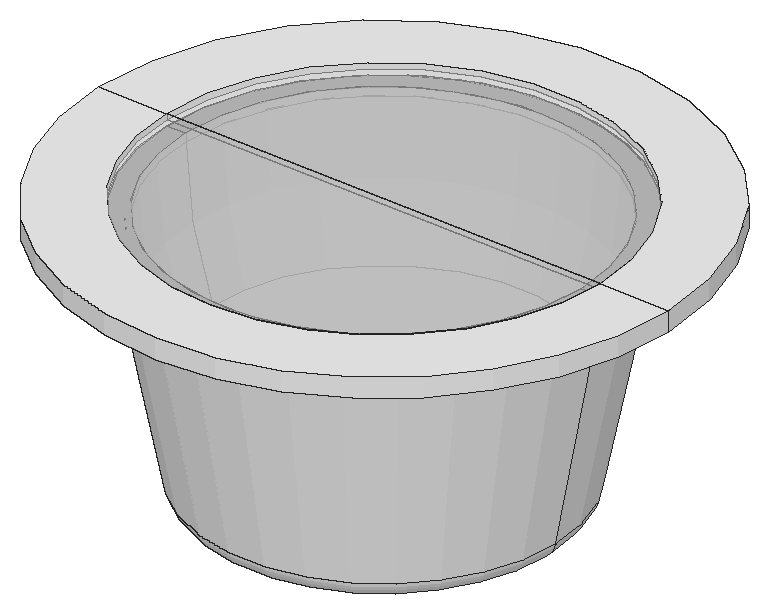
Revit family "2060545+2039013 Sylvania Lighting Fixture ASCENT 100 II ARCH 1000 4K STD 160 with IP54 PC Cover", category Lighting Fixtures, host Face, Revit 2016
Family settings
  Host = Face
  Part Type = Normal
  Round Connector Dimension = Use Diameter
  OmniClass Number = 23.80.70.11.17
  OmniClass Title = Specialized Lighting by Location or Use
  Cut with Voids When Loaded = No
  Light Source = Yes
  Shared = No
  Room Calculation Point = No
Parameters (values of type "2060545+2039013 ASCT100 II ARCH 1000 4K STD 160 with IP54 PC Cover")
  WidthBezelAcc_SYL = 25.0 mm
  Weight = "1.2 kg"
  Wattage = 7 W
  WarrantyStartDate [instance] = "n/a"
  WarrantyGuarantorParts = "n/a"
  WarrantyDurationUnit = "n/a"
  WarrantyDurationParts = "n/a"
  WarrantyDescription = "n/a"
  built-in parameter 1150110 = 1 (stored number, unit not read)
  Voltage = 0 V
  VisibilityAccessory_SYL = yes
  TypeName = "ASCENT 100 II ARCH 1000 4K STD 160 with IP54 PC Cover"
  built-in parameter 1114217 = 1 (stored number, unit not read)
  Tilt Angle = -90°
  built-in parameter 1150109 = 1 (stored number, unit not read)
  built-in parameter 1150134 = 12
  built-in parameter 1150113 = 1 (stored number, unit not read)
  SerialNumber [instance] = "n/a"
  ReflectorRadius_SYL = Radius_SYL - 14.5 mm  # 80.0 mm
  RadiusAcc_SYL = 105.0 mm
  Radius_SYL = 94.5 mm
  URL = "http://www.sylvania-lighting.com"
  PowerFactor = 0
  PowerConsumption = "7 W"
  Photometric Web File = "2060545.ies"
  NominalWidth = 0.0 mm
  NominalLength = 0.0 mm
  NominalHeight = 94.0 mm
  Name = "ASCENT 100 II ARCH 1000 4K STD 160 with IP54 PC Cover"
  ModelReference = "ASCENT 100 II ARCH 1000 4K STD 160 with IP54 PC Cover"
  ModelNumber = "2060545+2039013"
  Material_4_SYL = none
  Material_3_SYL = Polycarbonate_Sylvania_Ascent_Clear
  Material_2_SYL = Aluminium_Sylvania_Ascent_Silver
  Material_1_SYL = Aluminum_Sylvania_Ascent_White
  Material = "aluminium housing, arcylic diffuser"
  ManufacturerName = "Feilo Sylvania"
  LuminousEfficacy = "144 lm/W"
  built-in parameter 1150105 = 80.214 (stored number, unit not read)
  Lumens = 1008 lm
  LuminaireType = ""
  built-in parameter 1150115 = 1 (stored number, unit not read)
  LightOutputRatio = "100"
  built-in parameter 1150137 = (empty or 0)
  built-in parameter 1150139 = (empty or 0)
  LampsType = Lamp  # "LED"
  LampNominalLuminous = "1009 lm"
  LampMacAdamStep = "3"
  LampColourTemperature = "4000 K"
  LampColourRenderingIndex = "80"
  built-in parameter 1150112 = 1 (stored number, unit not read)
  built-in parameter 1150114 = 1 (stored number, unit not read)
  Keynote = "16500"
  InstallationDate [instance] = "n/a"
  InputVoltage = "n/a"
  InputNominalFrequency = "n/a"
  built-in parameter 1150132 = (empty or 0)
  built-in parameter 1150102 = (empty or 0)
  built-in parameter 1150107 = 4000 (stored number, unit not read)
  built-in parameter 1150138 = (empty or 0)
  IngressProtection = "IP54"
  ImpactProtectionIndex = "IK02"
  built-in parameter 1150106 = 0.80214 (stored number, unit not read)
  IfcExportType = "IfcLightFixtureType"
  IfcExportAs = "IfcLightFixtureType"
  Height_SYL = 94.0 mm
  HeightAcc_SYL = 7.0 mm
  ExpectedLife = 50000
  EmittionSurface_SYL = if(VisibilityAccessory_SYL, 7.0 mm, 3.0 mm)  # 7.0 mm
  Emit from Circle Diameter = DiffuserRadius_SYL * 2  # 146.0 mm
  Emit Shape Visible in Rendering = no
  ElectricShockClassification = "Class II"
  built-in parameter 1150104 = 13.378 (stored number, unit not read)
  DurationUnit = "hours"
  DocumentationLiterature = "http://www.sylvania-lighting.com/product/en-int/products/2060545"
  DimmingControlOptions = "n/a"
  Dimming Lamp Color Temperature Shift = <None>
  DiffuserRadius_SYL = ReflectorRadius_SYL - 7.0 mm  # 73.0 mm
  Diameter_SYL = 2 * Radius_SYL  # 189.0 mm
  CutoutDiameter_SYL = Diameter_SYL - 13.0 mm  # 176.0 mm
  CreatedOn = "9/17/2018"
  CreatedBy = "@sylvania-lighting.com"
  Color Filter = 16777215
  built-in parameter 1114216 [instance] = 1 (stored number, unit not read)
  Model = "ASCENT 100 II ARCH 1000 4K STD 160 with IP54 PC Cover"
  Manufacturer = "Feilo Sylvania"
  Lamp = "LED"
  Description = "Direct LED retro fit for original LED 100 Arch (160) single CFL lamp offering Matching lumen levels and improved light distribution of original LED 100 CFL lamp equivalents Typically half the power consumption compared to CFL Up to 112lm/W 160mm aperture Architectural reflector accepts range of glass accessories from existing LED 100 Arch 160 offering HE, HO and VHO versions equivalent of single 1 x 18W, 1 x 32W, 1 x 42W\r\n Additional VVHO versions which offer the performance circa 2 x 32W equivalent"  # constant formula
  Default Elevation = 0.0 mm
  built-in parameter 1140040 [instance] = 1
  BarCode [instance] = "n/a"
  built-in parameter 1114218 = 1 (stored number, unit not read)
  built-in parameter 1150133 = 10 (stored number, unit not read)
  AssetType = "Fixed"
  AssetIdentifier [instance] = "n/a"
  Assembly Code = "D5020200"
  Apparent Load = 7 VA
  Aperture_SYL = 2 * ReflectorRadius_SYL  # 160.0 mm
Reference planes
  plane 1 "Center (Front/Back)": y = 0
  plane 2: z = 0
  plane 3 "Center (Left/Right)": x = 0
  plane 4 "Fixture Bottom": z = 3
  plane 5: z = -52.5
  plane 6 "Fixture Top": z = -91
  plane 7: x = -105
  plane 8: z = 7
  plane 9: x = -80
  plane 10: z = 5
  plane 11: x = -103
Forms (mm)
  Extrusion 1, solid, material "Aluminum_Sylvania_Ascent_White", detail levels fine
    sketch origin (0, 0, 0) x (1, 0, 0) y (0, 1, 0)
      loop
        circle (0, 0) r 94.5
      loop
        circle (0, 0) r 80
    from 0 to 3
  Extrusion 2, void
    sketch origin (0, 0, 0) x (1, 0, 0) y (0, 1, 0)
      loop
        circle (0, 0) r 88
    from -91 to 3
  Revolve 3, solid, material "Aluminum_Sylvania_Ascent_White" <- "Material_1_SYL", detail levels fine
    sketch origin (0, 0, 0) x (1, 0, 0) y (0, 0, 1)
      loop
        line (0, -91.073) -> (0, -89.023) -> (-55.468, -89.014)
        arc (-55.468, -89.014) -> (-59.352, -87.613) -> (-61.54, -84.139) r 6.307
        line (-61.54, -84.139) -> (-77.991, -2.844) -> (-77.991, 0) -> (-80, 0) -> (-80, -3) -> (-63.5, -84.536)
        arc (-63.5, -84.536) -> (-60.643, -89.203) -> (-55.5, -91.073) r 8.291
        line (-55.5, -91.073) -> (0, -91.073)
      axis (0, 0) -> (0, -91.073)
    angle from 0 to 360
  Revolve 4, solid, material "Aluminium_Sylvania_Ascent_Silver" <- "Material_2_SYL", detail levels fine
    sketch origin (0, 0, 0) x (1, 0, 0) y (0, 0, 1)
      loop
        line (-80, 3) -> (-80, 0) -> (-75, 0)
        arc (-75, 0) -> (-72.349, -26.77) -> (-64.5, -52.5) r 136.5
        line (-64.5, -52.5) -> (-58, -52.5)
        arc (-58, -52.5) -> (-56.857, -61.521) -> (-53.5, -69.971) r 36.166
        line (-53.5, -69.971) -> (0, -69.971) -> (0, -50.5) -> (-63.16, -50.5)
        arc (-63.16, -50.5) -> (-70.517, -25.725) -> (-73, 0) r 134.5
        line (-73, 0) -> (-73, 3) -> (-80, 3)
      axis (0, 3) -> (0, -69.971)
    angle from 0 to 360
  Extrusion 5, solid, material "Polycarbonate_Sylvania_Ascent_Clear" <- "Material_3_SYL", detail levels fine
    sketch origin (0, 0, 0) x (1, 0, 0) y (0, 1, 0)
      loop
        circle (0, 0) r 73
    from 0 to 3
  Revolve 6, solid, material "Aluminum_Sylvania_Ascent_White" <- "Material_1_SYL", detail levels coarse+medium
    sketch origin (0, 0, 0) x (1, 0, 0) y (0, 0, 1)
      loop
        line (0, -91.073) -> (0, 3) -> (-94.5, 3) -> (-94.5, 0) -> (-79.5, 0) -> (-79.5, -3) -> (-63, -84.536)
        arc (-63, -84.536) -> (-60.143, -89.203) -> (-55, -91.073) r 8.291
        line (-55, -91.073) -> (0, -91.073)
      axis (0, 3) -> (0, -91.073)
    angle from 0 to 360
  Revolve 7, solid, material "Aluminum_Sylvania_Ascent_White" <- "Material_1_SYL", visible <- "VisibilityAccessory_SYL"
    sketch origin (0, 0, 0) x (1, 0, 0) y (0, 0, 1)
      loop
        line (-105, 0) -> (-103, 0) -> (-103, 5) -> (-80, 5) -> (-80, 7) -> (-105, 7) -> (-105, 0)
      axis (0, 7) -> (0, 0)
    angle from 0 to 360
  Revolve 8, solid, material "Polycarbonate_Sylvania_Ascent_Clear" <- "Material_3_SYL", visible <- "VisibilityAccessory_SYL"
    sketch origin (0, 0, 0) x (1, 0, 0) y (0, 0, 1)
      loop
        line (-80, 7) -> (-80, 5) -> (0, 5) -> (0, 7) -> (-80, 7)
      axis (0, 7) -> (0, 5)
    angle from 0 to 360
Lines and regions (mm)
  reference lines
    curve 1: line (-150, 0, 7) -> (125, 0, 7)
Dimensions and locks
  locked: plane 4 "Fixture Bottom" to plane 2 at 3
  "Height_SYL": plane 4 "Fixture Bottom" to plane 6 "Fixture Top"
  "ReflectorRadius_SYL": plane 3 "Center (Left/Right)" to Revolve 4 sketch curve
  locked: Revolve 4 sketch curve to Revolve 4 sketch curve at 15.5
  locked: Revolve 4 sketch curve to Revolve 4 sketch curve at 5
  locked: Revolve 4 sketch curve to Revolve 4 sketch curve at 7
  locked: Revolve 4 sketch curve to Revolve 4 sketch curve at 22
  locked: Revolve 4 sketch curve to Revolve 4 sketch curve at 26.5
  locked: Revolve 3 sketch curve to Revolve 3 sketch curve at 16.5
  locked: Revolve 3 sketch curve to Revolve 3 sketch curve at 24.5
  "ReflectorRadius_SYL": Revolve 3 sketch curve to plane 3 "Center (Left/Right)"
  locked: Revolve 3 sketch curve to plane 6 "Fixture Top" at 6.464
  locked: plane 2 to Revolve 3 sketch curve at 3
  locked: Revolve 3 sketch curve to Revolve 3 sketch curve at 2
  locked: Revolve 3 sketch curve to Revolve 3 sketch curve at 2.009
  locked: plane 2 to plane 5 at 52.5
  locked: Revolve 6 sketch curve to Revolve 6 sketch curve at 31.5
  locked: Revolve 6 sketch curve to Revolve 6 sketch curve at 39.5
  locked: Revolve 6 sketch curve to Revolve 6 sketch curve at 15
  "Radius_SYL": plane 3 "Center (Left/Right)" to Revolve 6 sketch curve
  "RadiusAcc_SYL": plane 3 "Center (Left/Right)" to plane 7
  "HeightAcc_SYL": plane 8 to level
  "WidthBezelAcc_SYL": plane 7 to plane 9
  locked: plane 7 to plane 11 at 2
  locked: plane 8 to plane 10 at 2
  "EmittionSurface_SYL": curve 1 to level
  "CutoutDiameter_SYL": diameter of Extrusion 2 sketch curve
  "ReflectorRadius_SYL": radius of Extrusion 1 sketch curve
  "DiffuserRadius_SYL": radius of Extrusion 5 sketch curve
  "Radius_SYL": radius of Extrusion 1 sketch curve
  aligned and locked: host face to plane 2
  aligned and locked: host face to level
  aligned and locked: plane 4 "Fixture Bottom" to Extrusion 1
  aligned and locked: Extrusion 1 to plane 2
  aligned and locked: Revolve 3 sketch curve to plane 3 "Center (Left/Right)"
  aligned and locked: Revolve 4 sketch curve to plane 3 "Center (Left/Right)"  (x2)
  aligned and locked: plane 4 "Fixture Bottom" to Revolve 4 sketch curve
  aligned and locked: Extrusion 5 to plane 2
  aligned and locked: plane 2 to Revolve 3 sketch curve  (x2)
  aligned and locked: Revolve 6 sketch curve to plane 3 "Center (Left/Right)"
  aligned and locked: plane 6 "Fixture Top" to Extrusion 2
  aligned and locked: Revolve 7 sketch curve to plane 3 "Center (Left/Right)"
  aligned and locked: host face to Revolve 7 sketch curve  (x2)
  aligned and locked: Revolve 7 sketch curve to plane 7
  aligned and locked: plane 8 to Revolve 7 sketch curve
  aligned and locked: plane 9 to Revolve 7 sketch curve
  aligned and locked: Revolve 7 sketch curve to plane 10
  aligned and locked: plane 11 to Revolve 7 sketch curve
  aligned and locked: Revolve 7 to Revolve 8 sketch curve
  aligned and locked: Revolve 8 sketch curve to Revolve 7  (x2)
  aligned and locked: Revolve 8 sketch curve to plane 3 "Center (Left/Right)"  (x2)
  aligned and locked: plane 3 "Center (Left/Right)" to imposter light
  aligned and locked: imposter light to plane 1 "Center (Front/Back)"
  aligned and locked: imposter light to curve 1
Automatic sketch dimensions
  plane 1 "Center (Front/Back)" to Extrusion 2 sketch curve = 0.0 mm
  Extrusion 2 sketch curve to plane 3 "Center (Left/Right)" = 0.0 mm
  Extrusion 1 sketch curve to Extrusion 1 sketch curve = 0.0 mm  (x2)
  plane 1 "Center (Front/Back)" to Extrusion 1 sketch curve = 0.0 mm
  Extrusion 1 sketch curve to plane 3 "Center (Left/Right)" = 0.0 mm
  plane 6 "Fixture Top" to Revolve 3 sketch curve = 0.073 mm
  Revolve 3 sketch curve to plane 6 "Fixture Top" = 6.861 mm
  Revolve 3 sketch curve to Revolve 3 sketch curve = 0.003 mm
  Revolve 3 sketch curve to Revolve 3 sketch curve = 0.009 mm  (x2)
  Revolve 3 sketch curve to Revolve 3 sketch curve = 0.023 mm
  Revolve 3 sketch curve to Revolve 3 sketch curve = 0.072 mm
  Revolve 3 sketch curve to Revolve 3 sketch curve = 0.008 mm
  Revolve 3 sketch curve to plane 6 "Fixture Top" = 1.977 mm
  Revolve 3 sketch curve to Revolve 3 sketch curve = 33.496 mm
  Revolve 3 sketch curve to Revolve 3 sketch curve = 0.028 mm
  plane 4 "Fixture Bottom" to Revolve 3 sketch curve = 82.431 mm
  Revolve 4 sketch curve to Revolve 4 sketch curve = 0.0 mm  (x2)
  Revolve 4 sketch curve to plane 5 = 0.0 mm
  Revolve 4 sketch curve to level = 0.0 mm
  plane 5 to Revolve 4 sketch curve = 2.0 mm
  plane 4 "Fixture Bottom" to Revolve 4 sketch curve = 9.642 mm
  plane 1 "Center (Front/Back)" to Extrusion 5 sketch curve = 0.0 mm
  Extrusion 5 sketch curve to plane 3 "Center (Left/Right)" = 0.0 mm
  Revolve 4 sketch curve to level = 69.971 mm
  Revolve 4 sketch curve to Revolve 4 sketch curve = 2.387 mm
  Revolve 6 sketch curve to level = 0.0 mm
  Revolve 6 sketch curve to plane 3 "Center (Left/Right)" = 0.0 mm
  Revolve 6 sketch curve to Revolve 6 sketch curve = 8.104 mm
  Revolve 6 sketch curve to level = 3.0 mm
  Revolve 6 sketch curve to plane 6 "Fixture Top" = 6.464 mm
  plane 6 "Fixture Top" to Revolve 6 sketch curve = 0.073 mm
  Revolve 6 sketch curve to Revolve 6 sketch curve = 33.496 mm
  plane 4 "Fixture Bottom" to Revolve 6 sketch curve = 82.431 mm
  host sketch curve to host sketch curve = 1704.996 mm
  host sketch curve to host sketch curve = 1500.0 mm
  plane 6 "Fixture Top" to Revolve 7 sketch curve = 281.274 mm
  Revolve 7 sketch curve to plane 8 = 1140.706 mm
  plane 6 "Fixture Top" to Revolve 8 sketch curve = 281.274 mm
  Revolve 8 sketch curve to Revolve 8 sketch curve = 1140.706 mm
  Revolve 3 sketch curve to plane 3 "Center (Left/Right)" = 0.0 mm
  Revolve 6 sketch curve to plane 4 "Fixture Bottom" = 0.0 mm
  plane 7 to curve 1 = 45.0 mm
  plane 3 "Center (Left/Right)" to curve 1 = 125.0 mm
Connectors
  electrical at (0, 0, -91.073), driven by "Apparent Load"
    settings: on Revolve 3, index 1, voltage 240 V, apparent load 0 VA, apparent load phase1 7 VA, apparent load phase2 0 VA, apparent load phase3 0 VA, power factor 1, load classification "Lighting", number of poles 1, system type 31, power factor state 1, is connector primary yes, connector utility no, sub classification motor no, connector description ""
